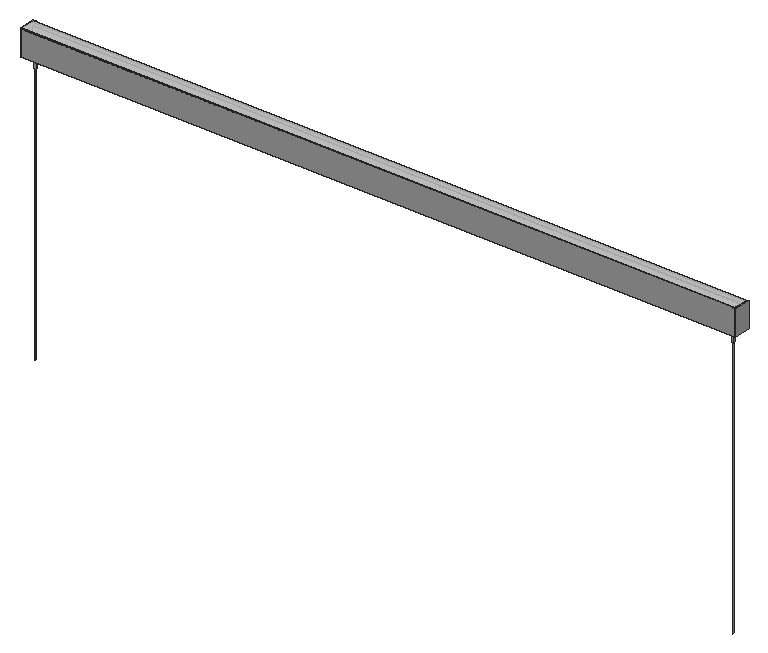
Revit family "2093099 Sylvania Lighting Fixture MC2-KIT D I 2-4M 4K DALI WHT OPAL", category Lighting Fixtures, host Face, Revit 2016
Family settings
  Host = Face
  Part Type = Normal
  Round Connector Dimension = Use Diameter
  OmniClass Number = 23.80.70.11.17
  OmniClass Title = Specialized Lighting by Location or Use
  Cut with Voids When Loaded = No
  Light Source = Yes
  Shared = No
  Room Calculation Point = No
Parameters (values of type "2093099 MC2-KIT D/I 2.4M 4K DALI WHT OPAL")
  Width_SYL = 54.0 mm
  Weight = "6.5 kg"
  Wattage = 64 W
  WarrantyStartDate [instance] = "n/a"
  WarrantyGuarantorParts = "n/a"
  WarrantyDurationUnit = "n/a"
  WarrantyDurationParts = "n/a"
  WarrantyDescription = "n/a"
  built-in parameter 1150110 = 1 (stored number, unit not read)
  Voltage = 0 V
  URL = "http://www.sylvania-lighting.com"
  TypeName = "MC2-KIT D/I 2.4M 4K DALI WHT OPAL"
  built-in parameter 1114217 = 1 (stored number, unit not read)
  Tilt Angle = -90.00°
  built-in parameter 1150109 = 1 (stored number, unit not read)
  built-in parameter 1150134 = 12
  built-in parameter 1150113 = 1 (stored number, unit not read)
  SerialNumber [instance] = "n/a"
  PowerFactor = 0.95
  PowerConsumption = "64 W"
  NominalWidth = 0.0 mm
  NominalLength = 2400.0 mm
  NominalHeight = 86.0 mm
  Name = "MC2-KIT D/I 2.4M 4K DALI WHT OPAL"
  ModelReference = "MC2-KIT D/I 2.4M 4K DALI WHT OPAL"
  ModelNumber = "2093099"
  Material_3_SYL = Metal_Sylvania_Mini Contiuum II_Silver
  Photometric Web File = "2093099.ies"
  Material_4_SYL = Metal_Sylvania_Mini Contiuum II_Silver
  MountingHeight_SYL [instance] = 1000.0 mm
  Material = "aluminium housing, polycarbonate diffuser"
  ManufacturerName = "Feilo Sylvania"
  LuminousEfficacy = "126 lm/W"
  LuminaireType = ""
  LightOutputRatio = "100"
  Length_SYL = 2400.0 mm
  LampsType = Lamp  # "LED"
  LampNominalLuminous = "8064 lm"
  LampMacAdamStep = "3"
  LampColourTemperature = "4000 K"
  LampColourRenderingIndex = "80"
  Keynote = "16500"
  InstallationDate [instance] = "n/a"
  InputVoltage = "n/a"
  InputNominalFrequency = "n/a"
  IngressProtection = "IP20"
  ImpactProtectionIndex = "n/a"
  IfcExportType = "IfcLightFixtureType"
  IfcExportAs = "IfcLightFixtureType"
  Height_SYL = 86.0 mm
  ExpectedLife = 50000
  EndCapRight_SYL = yes
  EndCapLeft_SYL = yes
  Emit from Rectangle Width = Width_SYL - 2.0 mm  # 52.0 mm
  Emit from Rectangle Length = Length_SYL  # 2400.0 mm
  Emit Shape Visible in Rendering = no
  ElectricShockClassification = "Class I"
  DurationUnit = "hours"
  DocumentationLiterature = "http://www.sylvania-lighting.com/product/en-int/products/2093099"
  DimmingControlOptions = "n/a"
  CreatedOn = "10/15/2018"
  CreatedBy = "@sylvania-lighting.com"
  built-in parameter 1114216 [instance] = 1 (stored number, unit not read)
  Model = "MC2-KIT D/I 2.4M 4K DALI WHT OPAL"
  Manufacturer = "Feilo Sylvania"
  built-in parameter 1150105 = 641.71 (stored number, unit not read)
  Lumens = 8064 lm
  built-in parameter 1150115 = 1 (stored number, unit not read)
  built-in parameter 1150137 = (empty or 0)
  built-in parameter 1150139 = (empty or 0)
  built-in parameter 1150112 = 1 (stored number, unit not read)
  built-in parameter 1150114 = 1 (stored number, unit not read)
  Lamp = "LED"
  built-in parameter 1150132 = 2
  built-in parameter 1150102 = (empty or 0)
  built-in parameter 1150107 = 4000 (stored number, unit not read)
  built-in parameter 1150138 = (empty or 0)
  built-in parameter 1150106 = 6.4171 (stored number, unit not read)
  Material_1_SYL = Metal_Sylvania_Mini Continuum II_White
  built-in parameter 1150104 = 11.706 (stored number, unit not read)
  Dimming Lamp Color Temperature Shift = <None>
  Material_2_SYL = Polycarbonate_Sylvania_Mini Continuum II_Opal_4000K
  Description = "2093099   MC2-KIT D/I 2.4M 4K DALI WHT OPAL  Continuous lines of LED light, white RAL 9016, direct/indirect distribution (65/35), suspended kit version is pre-wired and supplied complete with end caps and suspension cables, compact and minimalist design based on the Golden Mean, ideal for offices, meeting rooms, corridors, education facilities, museums and libraries, extruded aluminium body, diffuser: opal, colour temperature: 4000K neutral white, total system power: 64W, total fixture output: 7666lm, luminaire efficacy: 120lm/W, LOR: 100%, colour rendering: Ra >80, LED Chromacity: 1 step MacAdam ellipse, lifetime: 50,000 hours at 90% of the original output (L90), energy class: A++, A+, A, IR/UV free light source without heat radiation, operating voltage: 220-240V / 50-60Hz, drive current: (Direcr) 800mA + (Indirect) 350mA, electronic driver, DALI dimmable, direct/indirect independently addressable, electrical protection: CLASS I, IP20, suitable for internal environment only."
  Default Elevation = 0.0 mm
  Color Filter = 16777215
  built-in parameter 1140040 [instance] = 1
  BarCode [instance] = "n/a"
  built-in parameter 1114218 = 1 (stored number, unit not read)
  built-in parameter 1150133 = 10 (stored number, unit not read)
  AssetType = "Fixed"
  AssetIdentifier [instance] = "n/a"
  Assembly Code = "D5020200"
  Apparent Load = 64 VA
Reference planes
  plane 1 "Center (Front/Back)": y = 0
  plane 2 "Bottom Fixtures": z = 0
  plane 3 "Center (Left/Right)": x = 0
  plane 4 "Fixture Left": x = -1200
  plane 5 "Fixture Right": x = 1200
  plane 6 "Fixture Bottom": z = 1000
  plane 7: z = 998
  plane 8: z = 996
  plane 9: z = 986.951
  plane 10: z = 956.951
  plane 11 "Fixture Top": z = 914
  plane 12 "Mounting Right": x = 1172
  plane 13 "Mounting Left": x = -1172
  plane 14: z = 879
  plane 15: y = 27
  plane 16: y = -27
  plane 17: y = -26
  plane 18: y = -25
  plane 19: y = 26
  plane 20: y = 25
  plane 21: y = 11
  plane 22: y = -11
  plane 23: y = 24
  plane 24: y = 22
  plane 25: y = -22
  plane 26: y = 15
  plane 27: y = -15
  plane 28 "Upper Diffuser Left": x = -1050
  plane 29 "Upper Diffuser Right": x = 1050
  plane 30: x = -1202
  plane 31: x = 1202
Forms (mm)
  Extrusion 1, solid, material "Metal_Sylvania_Mini Continuum II_White" <- "Material_1_SYL", detail levels fine
    sketch origin (0, 0, 520) x (0, 1, 0) y (0, 0, 1)
      loop
        line (27, 480) -> (26, 480) -> (26, 478) -> (25, 478) -> (25, 396) -> (13, 396) -> (13, 398) -> (-13, 398) -> (-13, 396) -> (-25, 396) -> (-25, 478) -> (-26, 478) -> (-26, 480) -> (-27, 480) -> (-27, 394) -> (-11, 394) -> (-11, 396) -> (11, 396) -> (11, 394) -> (27, 394) -> (27, 480)
    from -1200 to 1200
  Extrusion 2, solid, material "Polycarbonate_Sylvania_Mini Continuum II_Opal_4000K" <- "Material_2_SYL", detail levels fine
    sketch origin (0, 0, 520) x (0, 1, 0) y (0, 0, 1)
      loop
        line (-26, 480) -> (-26, 478) -> (26, 478) -> (26, 480) -> (-26, 480)
    from -1200 to 1200
  Extrusion 3, solid, material "Metal_Sylvania_Mini Contiuum II_Silver" <- "Material_3_SYL", detail levels fine
    sketch origin (0, 0, 520) x (0, 1, 0) y (0, 0, 1)
      loop
        line (22, 466.951) -> (20.973, 466.951) -> (14.206, 437.951) -> (11, 437.951) -> (11, 436.951) -> (15, 436.951) -> (22, 466.951)
      loop
        line (-15, 436.951) -> (-11, 436.951) -> (-11, 437.951) -> (-14.206, 437.951) -> (-20.973, 466.951) -> (-22, 466.951) -> (-15, 436.951)
    from -1200 to 1200
  Extrusion 4, solid, material "Metal_Sylvania_Mini Continuum II_White" <- "Material_1_SYL", detail levels coarse+medium
    sketch origin (0, 0, 520) x (0, 1, 0) y (0, 0, 1)
      loop
        line (-27, 480) -> (-27, 394) -> (27, 394) -> (27, 480) -> (-27, 480)
    from -1200 to 1200
  Extrusion 5, solid, material "Metal_Sylvania_Mini Contiuum II_Silver" <- "Material_4_SYL", detail levels fine
    sketch origin (0, 0, -86) x (-1, 0, 0) y (0, -1, 0)
      loop
        circle (1172, 0) r 4
      loop
        circle (-1172, 0) r 4
    from 965 to 1002
  Extrusion 6, solid, material "Metal_Sylvania_Mini Contiuum II_Silver" <- "Material_4_SYL", detail levels fine
    sketch origin (0, 0, -86) x (-1, 0, 0) y (0, -1, 0)
      loop
        circle (-1172, 0) r 1
      loop
        circle (1172, 0) r 1
    from 86 to 965
  Extrusion 7, solid, material "Polycarbonate_Sylvania_Mini Continuum II_Opal_4000K" <- "Material_2_SYL", detail levels fine
    sketch origin (0, 0, 0) x (0, 1, 0) y (0, 0, 1)
      loop
        arc (11, 916) -> (5.59, 914.504) -> (0, 914) r 31.25
        arc (0, 914) -> (-5.59, 914.504) -> (-11, 916) r 31.25
        line (-11, 916) -> (-11, 914.934)
        arc (-11, 914.934) -> (-5.584, 913.487) -> (0, 913) r 32.25
        arc (0, 913) -> (5.584, 913.487) -> (11, 914.934) r 32.25
        line (11, 914.934) -> (11, 916)
    from -1050 to 1050
  Extrusion 8, void
    sketch origin (0, 0, 0) x (0, 1, 0) y (0, 0, 1)
      loop
        line (11, 918) -> (-11, 918) -> (-11, 916) -> (11, 916) -> (11, 918)
    from -1050 to 1050
  Extrusion 9, solid, material "Metal_Sylvania_Mini Continuum II_White" <- "Material_1_SYL", visible <- "EndCapLeft_SYL"
    sketch origin (-1200, 171.684, 1219.2) x (0, 1, 0) y (0, 0, 1)
      loop
        line (-198.684, -305.2) -> (-144.684, -305.2) -> (-144.684, -219.2) -> (-198.684, -219.2) -> (-198.684, -305.2)
    from 0 to -2
  Extrusion 10, solid, material "Metal_Sylvania_Mini Continuum II_White" <- "Material_1_SYL", visible <- "EndCapRight_SYL"
    sketch origin (1200, 171.684, 1219.2) x (0, 1, 0) y (0, 0, -1)
      loop
        line (-144.684, 219.2) -> (-144.684, 305.2) -> (-198.684, 305.2) -> (-198.684, 219.2) -> (-144.684, 219.2)
    from 0 to -2
Cuts and joins
  Extrusion 8 cuts Extrusion 1
Lines and regions (mm)
  Masking region 1
    outline origin (0, 0, -86) x (-1, 0, 0) y (0, -1, 0)
      loop
        line (1200, -27) -> (1200, 27) -> (-1200, 27) -> (-1200, -27) -> (1200, -27)
  symbolic lines, detail levels fine
    curve 1: line (-1200, 26, -86) -> (1200, 26, -86)
    curve 2: line (-1200, -26, -86) -> (1200, -26, -86)
  model lines, detail levels coarse+medium
    curve 3: line (-1172, 0, 914) -> (-1172, 0, 0)
    curve 4: line (1172, 0, 914) -> (1172, 0, 0)
Dimensions and locks
  host sketch curve to plane 3 "Center (Left/Right)" to host sketch curve = 820.0 mm, 775.047 mm
  equal spacing: plane 4 "Fixture Left", plane 3 "Center (Left/Right)", plane 5 "Fixture Right"
  "Length_SYL": plane 4 "Fixture Left" to plane 5 "Fixture Right"
  plane 6 "Fixture Bottom" to plane 7 to plane 8 to plane 9 to plane 10 = 2.0 mm locked, 2.0 mm locked, 9.049 mm locked, 30.0 mm locked
  locked: Extrusion 1 sketch curve to Extrusion 1 sketch curve at 2
  locked: Extrusion 1 sketch curve to plane 11 "Fixture Top" at 2
  "Height_SYL": plane 6 "Fixture Bottom" to plane 11 "Fixture Top"
  locked: plane 12 "Mounting Right" to plane 5 "Fixture Right" at 28
  locked: plane 4 "Fixture Left" to plane 13 "Mounting Left" at 28
  locked: plane 11 "Fixture Top" to plane 14 at 35
  "MountingHeight_SYL": plane 6 "Fixture Bottom" to plane 2 "Bottom Fixtures"
  equal spacing: plane 15, plane 1 "Center (Front/Back)", plane 16
  "Width_SYL": plane 15 to plane 16
  plane 22 to plane 27 to plane 25 to plane 18 to plane 17 to plane 16 = 4.0 mm locked, 7.0 mm locked, 3.0 mm locked, 1.0 mm locked, 1.0 mm locked
  plane 15 to plane 19 to plane 20 to plane 23 to plane 24 to plane 26 to plane 21 = 1.0 mm locked, 1.0 mm locked, 1.0 mm locked, 2.0 mm locked, 7.0 mm locked, 4.0 mm locked
  locked: plane 4 "Fixture Left" to plane 28 "Upper Diffuser Left" at 150
  locked: plane 29 "Upper Diffuser Right" to plane 5 "Fixture Right" at 150
  equal spacing: plane 30, plane 3 "Center (Left/Right)", plane 31
  locked: plane 30 to plane 4 "Fixture Left" at 2
  aligned and locked: plane 2 "Bottom Fixtures" to host face
  aligned and locked: level to host face
  aligned and locked: plane 5 "Fixture Right" to curve 1
  aligned and locked: plane 4 "Fixture Left" to curve 1
  aligned and locked: plane 4 "Fixture Left" to curve 2
  aligned and locked: plane 5 "Fixture Right" to curve 2
  aligned and locked: Extrusion 1 sketch curve to plane 7
  aligned and locked: plane 6 "Fixture Bottom" to Extrusion 1 sketch curve  (x2)
  aligned and locked: plane 7 to Extrusion 1 sketch curve
  aligned and locked: Extrusion 1 to Extrusion 2 sketch curve
  aligned and locked: Extrusion 2 sketch curve to Extrusion 1  (x3)
  aligned and locked: Extrusion 3 sketch curve to plane 10
  aligned and locked: plane 9 to Extrusion 3 sketch curve
  aligned and locked: Extrusion 3 sketch curve to plane 9
  aligned and locked: Extrusion 4 sketch curve to plane 6 "Fixture Bottom"
  aligned and locked: Extrusion 4 to plane 4 "Fixture Left"
  aligned and locked: Extrusion 2 to plane 4 "Fixture Left"
  aligned and locked: Extrusion 3 to plane 4 "Fixture Left"
  aligned and locked: Extrusion 1 to plane 4 "Fixture Left"
  aligned and locked: Extrusion 4 to plane 5 "Fixture Right"
  aligned and locked: Extrusion 2 to plane 5 "Fixture Right"
  aligned and locked: Extrusion 3 to plane 5 "Fixture Right"
  aligned and locked: Extrusion 1 to plane 5 "Fixture Right"
  aligned and locked: plane 11 "Fixture Top" to Extrusion 4 sketch curve
  aligned and locked: Extrusion 1 sketch curve to plane 11 "Fixture Top"  (x2)
  aligned and locked: Extrusion 1 sketch curve to Extrusion 1 sketch curve
  aligned and locked: plane 6 "Fixture Bottom" to imposter light
  aligned and locked: plane 11 "Fixture Top" to curve 3
  aligned and locked: plane 2 "Bottom Fixtures" to curve 3
  aligned and locked: plane 11 "Fixture Top" to curve 4
  aligned and locked: plane 2 "Bottom Fixtures" to curve 4
  aligned and locked: curve 4 to plane 12 "Mounting Right"
  aligned and locked: curve 3 to plane 13 "Mounting Left"
  aligned and locked: Extrusion 5 to Extrusion 1
  aligned and locked: Extrusion 5 to plane 14
  aligned and locked: plane 14 to Extrusion 6
  aligned and locked: Extrusion 6 to level
  aligned and locked: plane 11 "Fixture Top" to Extrusion 7 sketch curve
  aligned and locked: Extrusion 7 to plane 28 "Upper Diffuser Left"
  aligned and locked: Extrusion 7 to plane 29 "Upper Diffuser Right"
  aligned and locked: plane 21 to Extrusion 3 sketch curve
  aligned and locked: Extrusion 3 sketch curve to plane 22
  aligned and locked: Extrusion 8 sketch curve to plane 21
  aligned and locked: Extrusion 8 sketch curve to plane 22
  aligned and locked: Extrusion 8 sketch curve to Extrusion 1  (x2)
  aligned and locked: Extrusion 8 to Extrusion 7  (x2)
  aligned and locked: plane 21 to Extrusion 7 sketch curve
  aligned and locked: plane 1 "Center (Front/Back)" to Extrusion 7 sketch curve
  aligned and locked: plane 22 to Extrusion 7 sketch curve
  aligned and locked: Extrusion 9 sketch curve to Extrusion 4  (x4)
  aligned and locked: Extrusion 9 to plane 30
  aligned and locked: plane 4 "Fixture Left" to Extrusion 9
  aligned and locked: Extrusion 10 sketch curve to Extrusion 4  (x4)
  aligned and locked: plane 31 to Extrusion 10
  aligned and locked: plane 5 "Fixture Right" to Extrusion 10
Automatic sketch dimensions
  host sketch curve to host sketch curve = 1047.463 mm
  plane 19 to curve 1 = 0.0 mm
  curve 2 to plane 17 = 0.0 mm
  Masking region 1 sketch curve to plane 5 "Fixture Right" = 0.0 mm
  Masking region 1 sketch curve to plane 4 "Fixture Left" = 0.0 mm
  plane 15 to Masking region 1 sketch curve = 0.0 mm
  Masking region 1 sketch curve to plane 16 = 0.0 mm
  Extrusion 1 sketch curve to plane 16 = 0.0 mm
  Extrusion 1 sketch curve to plane 17 = 0.0 mm
  Extrusion 1 sketch curve to plane 18 = 0.0 mm
  Extrusion 1 sketch curve to plane 22 = 0.0 mm
  Extrusion 1 sketch curve to plane 21 = 0.0 mm
  Extrusion 1 sketch curve to plane 20 = 0.0 mm
  Extrusion 1 sketch curve to plane 19 = 0.0 mm
  Extrusion 1 sketch curve to plane 15 = 0.0 mm
  plane 11 "Fixture Top" to Extrusion 1 sketch curve = 2.0 mm
  Extrusion 1 sketch curve to plane 22 = 2.0 mm
  Extrusion 1 sketch curve to plane 21 = 2.0 mm
  Extrusion 3 sketch curve to plane 25 = 0.0 mm
  Extrusion 3 sketch curve to plane 27 = 0.0 mm
  Extrusion 3 sketch curve to plane 26 = 0.0 mm
  Extrusion 3 sketch curve to plane 24 = 0.0 mm
  plane 10 to Extrusion 3 sketch curve = 1.0 mm
  Extrusion 3 sketch curve to Extrusion 3 sketch curve = 1.027 mm
  plane 27 to Extrusion 3 sketch curve = 0.794 mm
  plane 26 to Extrusion 3 sketch curve = 0.794 mm
  plane 24 to Extrusion 3 sketch curve = 1.027 mm
  Extrusion 4 sketch curve to plane 16 = 0.0 mm
  Extrusion 4 sketch curve to plane 15 = 0.0 mm
  plane 1 "Center (Front/Back)" to Extrusion 5 sketch curve = 0.0 mm  (x2)
  Extrusion 5 sketch curve to plane 12 "Mounting Right" = 0.0 mm
  Extrusion 5 sketch curve to plane 13 "Mounting Left" = 0.0 mm
  plane 1 "Center (Front/Back)" to Extrusion 6 sketch curve = 0.0 mm  (x2)
  Extrusion 6 sketch curve to plane 12 "Mounting Right" = 0.0 mm
  Extrusion 6 sketch curve to plane 13 "Mounting Left" = 0.0 mm
  Extrusion 7 sketch curve to Extrusion 7 sketch curve = 0.0 mm  (x4)
  plane 11 "Fixture Top" to Extrusion 7 sketch curve = 0.934 mm
  Extrusion 3 sketch curve to Extrusion 3 sketch curve = 0.0 mm
  Extrusion 3 sketch curve to plane 10 = 0.0 mm
  plane 11 "Fixture Top" to Extrusion 7 sketch curve = 2.0 mm
  radius of Extrusion 5 sketch curve = 4.0 mm  (x2)
  radius of Extrusion 6 sketch curve = 1.0 mm  (x2)
Connectors
  electrical at (1200, 0, 949), driven by "Apparent Load"
    settings: on Extrusion 1, index 1, voltage 230 V, apparent load 0 VA, apparent load phase1 64 VA, apparent load phase2 0 VA, apparent load phase3 0 VA, power factor 1, load classification "Lighting", number of poles 1, system type 31, power factor state 1, is connector primary yes, connector utility no, sub classification motor no, connector description ""
